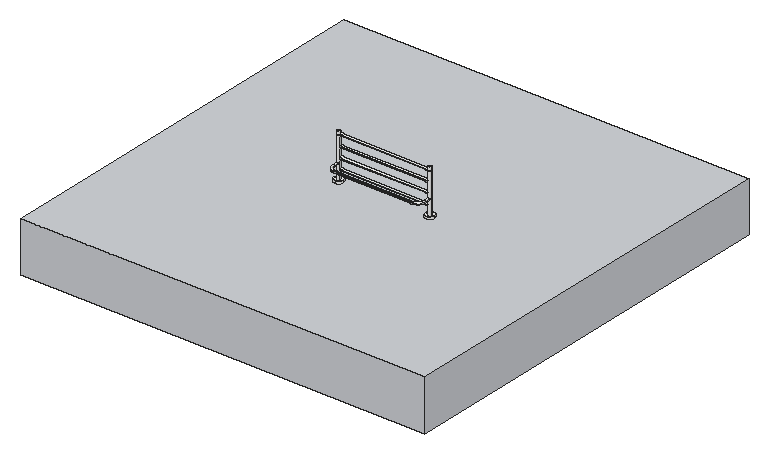
Revit family "Towel_Bar-Grohe-Essentials-40800001", category Specialty Equipment, host Face, Revit 2014
Parameters (values of type "40800001")
  Width = 21 167/256"  # constant formula
  URL = "https://www.grohe.us"
  Type Comments = ""
  Product Page URL = "https://www.grohe.us/en_us/essentials-multi-bath-towel-rack-40800001.html"
  Price = "Prices may vary. Please consult Manufacturer Representative for most up-to-date price list."  # constant formula
  Model = "40800001"
  Material = "Metal-Grohe-001-Chrome"
  Manufacturer = "Grohe"
  Length = 10 161/256"  # constant formula
  Installation Type = "Wall Mounted"
  Height = 4 95/256"  # constant formula
  Finish = Metal-Grohe-001-Chrome
  Description = "Essentials Multi bath towel rack"
  Default Elevation = 40"  # constant formula
  Creation Date = "8/22/2017"  # constant formula
  Assembly Code = "C1030200"
Reference planes (in)
  plane 1 "Center (Front/Back)": y = 0
  plane 2: z = 0
  plane 3 "Center (Left/Right)": x = 0
  plane 4: x = -10.82677
  plane 5: x = 10.82677
  plane 6: z = 10.62992
Forms (in)
  Extrusion 1, solid
    sketch origin (0, 0, 0) x (1, 0, 0) y (0, 1, 0)
      loop
        line (-48, 48) -> (-48, -48) -> (48, -48) -> (48, 48) -> (-48, 48)
    from 0 to -12
  Revolve 2, solid, material "Metal-Grohe-001-Chrome" <- "Finish"
    sketch origin (-0.98378, 0, 0) x (-1, 0, 0) y (0, 0, 1)
      loop
        line (-10.74789, 0.3937) -> (-11.46061, 0.3937) -> (-11.46061, 9.96168) -> (-11.49515, 9.96168) -> (-11.49515, 10.00152) -> (-11.46058, 10.00152) -> (-11.46058, 10.07979) -> (-11.49515, 10.07979) -> (-11.49515, 10.11916) -> (-11.46061, 10.11916) -> (-11.46061, 10.62992) -> (-11.81055, 10.62992) -> (-11.81055, 0) -> (-10.74789, 0) -> (-10.74789, 0.3937)
      axis (-11.81055, 10.62992) -> (-11.81055, 0)
    angle from 0 to 360
  Extrusion 3, solid, material "Metal-Grohe-001-Chrome" <- "Finish"
    sketch origin (0, 0, 0) x (0, 1, 0) y (0, 0, 1)
      loop
        circle (0.00017, 10.03937) r 0.23624
      loop
        circle (0.00017, 7.56008) r 0.23624
      loop
        circle (0.00017, 5.07571) r 0.23624
      loop
        circle (0.00017, 2.5985) r 0.23624
    from -10.82677 to 10.82677
  Revolve 4, solid, material "Metal-Grohe-001-Chrome" <- "Finish"
    sketch origin (0.98378, 0, 0) x (1, 0, 0) y (0, 0, 1)
      loop
        line (-10.74789, 0.3937) -> (-11.46061, 0.3937) -> (-11.46061, 9.96168) -> (-11.49515, 9.96168) -> (-11.49515, 10.00152) -> (-11.46058, 10.00152) -> (-11.46058, 10.07979) -> (-11.49515, 10.07979) -> (-11.49515, 10.11916) -> (-11.46061, 10.11916) -> (-11.46061, 10.62992) -> (-11.81055, 10.62992) -> (-11.81055, 0) -> (-10.74789, 0) -> (-10.74789, 0.3937)
      axis (-11.81055, 10.62992) -> (-11.81055, 0)
    angle from 0 to 360
  Sweep 5, solid, material "Metal-Grohe-001-Chrome" <- "Finish"
    path origin (0, 0, 0) x (1, 0, 0) y (0, 1, 0)
      loop
        line (-10.82677, 0) -> (-10.82677, -1.61065)
        arc (-10.82677, -1.61065) -> (-10.38743, -2.67131) -> (-9.32677, -3.11065) r 1.5
        line (-9.32677, -3.11065) -> (9.32677, -3.11065)
        arc (9.32677, -3.11065) -> (10.38743, -2.67131) -> (10.82677, -1.61065) r 1.5
        line (10.82677, -1.61065) -> (10.82677, 0)
    profile origin (-10.82677, -0.80532, 0) x (1, 0, 0) y (0, 0, 1)
      loop
        circle (0, 3.82284) r 0.20061
Cuts and joins
  joined: Revolve 2, Extrusion 3, Revolve 4, Sweep 5
Lines and regions (in)
  Masking region 1
    outline origin (0, 0, 0) x (1, 0, 0) y (0, 0, 1)
      loop
        line (11.88943, 0) -> (11.88943, 0.3937) -> (11.17671, 0.3937) -> (11.17671, 9.96168) -> (11.14217, 9.96168) -> (11.14217, 10.00152) -> (11.17674, 10.00152) -> (11.17674, 10.07979) -> (11.14217, 10.07979) -> (11.14217, 10.11916) -> (11.17671, 10.11916) -> (11.17671, 10.62992) -> (10.47683, 10.62992) -> (10.47683, 10.2758) -> (-10.47683, 10.2758) -> (-10.47683, 10.62992) -> (-11.17671, 10.62992) -> (-11.17671, 10.11916) -> (-11.14217, 10.11916) -> (-11.14217, 10.07979) -> (-11.17674, 10.07979) -> (-11.17674, 10.00152) -> (-11.14217, 10.00152) -> (-11.14217, 9.96168) -> (-11.17671, 9.96168) -> (-11.17671, 0.3937) -> (-11.88943, 0.3937) -> (-11.88943, 0) -> (-9.76411, 0) -> (-9.76411, 0.3937) -> (-10.47683, 0.3937) -> (-10.47683, 2.36226) -> (10.47683, 2.36226) -> (10.47683, 0.3937) -> (9.76411, 0.3937) -> (9.76411, 0) -> (11.88943, 0)
      loop
        line (10.47683, 2.83475) -> (10.47683, 3.62381) -> (-10.47683, 3.62381) -> (-10.47683, 2.83475) -> (10.47683, 2.83475)
      loop
        line (10.47683, 4.0242) -> (10.47683, 4.83947) -> (-10.47683, 4.83947) -> (-10.47683, 4.0242) -> (10.47683, 4.0242)
      loop
        line (10.47683, 5.31195) -> (10.47683, 7.32384) -> (-10.47683, 7.32384) -> (-10.47683, 5.31195) -> (10.47683, 5.31195)
      loop
        line (10.47683, 7.79633) -> (10.47683, 9.80313) -> (-10.47683, 9.80313) -> (-10.47683, 7.79633) -> (10.47683, 7.79633)
  symbolic lines, detail levels medium+fine
    curve 1: arc (10.47683, 0, 10.2758) -> (10.56953, 0, 10.03779) -> (10.47683, 0, 9.79978) r 0.35191
    curve 7: arc (-10.47683, 0, 10.2758) -> (-10.56953, 0, 10.03779) -> (-10.47683, 0, 9.79978) r 0.35191
    curve 13: arc (10.47683, 0, 7.79633) -> (10.56953, 0, 7.55832) -> (10.47683, 0, 7.32031) r 0.35191
    curve 14: arc (10.47683, 0, 5.31195) -> (10.56953, 0, 5.07394) -> (10.47683, 0, 4.83593) r 0.35191
    curve 15: arc (10.47683, 0, 2.83475) -> (10.56953, 0, 2.59674) -> (10.47683, 0, 2.35873) r 0.35191
    curve 17: arc (-10.47683, 0, 7.79633) -> (-10.56953, 0, 7.55832) -> (-10.47683, 0, 7.32031) r 0.35191
    curve 18: arc (-10.47683, 0, 5.31195) -> (-10.56953, 0, 5.07394) -> (-10.47683, 0, 4.83593) r 0.35191
    curve 19: arc (-10.47683, 0, 2.83475) -> (-10.56953, 0, 2.59674) -> (-10.47683, 0, 2.35873) r 0.35191
  symbolic lines, detail levels fine
    curve 2: line (11.17671, 0, 0.3937) -> (10.47683, 0, 0.3937)
    curve 3: line (11.14217, 0, 9.96168) -> (10.5612, 0, 9.96168)
    curve 4: line (11.14217, 0, 10.00152) -> (10.56765, 0, 10.00152)
    curve 5: line (11.14217, 0, 10.07979) -> (10.56701, 0, 10.07979)
    curve 6: line (11.14217, 0, 10.11916) -> (10.55999, 0, 10.11916)
    curve 8: line (-11.17671, 0, 0.3937) -> (-10.47683, 0, 0.3937)
    curve 9: line (-11.14217, 0, 9.96168) -> (-10.5612, 0, 9.96168)
    curve 10: line (-11.14217, 0, 10.00152) -> (-10.56765, 0, 10.00152)
    curve 11: line (-11.14217, 0, 10.07979) -> (-10.56701, 0, 10.07979)
    curve 12: line (-11.14217, 0, 10.11916) -> (-10.55999, 0, 10.11916)
  symbolic lines, style "PlumbingFixtures", detail levels fine
    curve 16: line (10.47683, 0, 4.0242) -> (10.47683, 0, 3.62381)
    curve 20: line (-10.47683, 0, 4.0242) -> (-10.47683, 0, 3.62381)
Dimensions and locks (in)
  equal spacing: plane 5, plane 3 "Center (Left/Right)", plane 4
  plane 5 to plane 4 = 21.65354"
  level to plane 6 = 10.62992"
  aligned and locked: plane 2 to Extrusion 1
  aligned and locked: level to Extrusion 1
Automatic sketch dimensions
  Extrusion 1 sketch curve to Extrusion 1 sketch curve = 96"  (x2)
  Revolve 2 sketch curve to plane 5 = 0"  (x2)
  Revolve 2 sketch curve to level = 0"
  Revolve 2 sketch curve to plane 6 = 0"
  plane 5 to Revolve 2 sketch curve = 0.3154"
  Revolve 2 sketch curve to Revolve 2 sketch curve = 0"
  Revolve 2 sketch curve to Revolve 2 sketch curve = 0.34994"
  Revolve 2 sketch curve to Revolve 2 sketch curve = 0.03454"
  Revolve 2 sketch curve to Revolve 2 sketch curve = 0.03457"
  Revolve 2 sketch curve to Revolve 2 sketch curve = 0.71272"
  Revolve 2 sketch curve to level = 0.3937"
  plane 6 to Revolve 2 sketch curve = 0.66825"
  Revolve 2 sketch curve to Revolve 2 sketch curve = 0.03984"
  Revolve 2 sketch curve to Revolve 2 sketch curve = 0.07827"
  Revolve 2 sketch curve to Revolve 2 sketch curve = 0.03937"
  Revolve 2 sketch curve to Revolve 2 sketch curve = 3.99575"
  Revolve 2 sketch curve to Revolve 2 sketch curve = 0.31201"
  plane 4 to Revolve 4 sketch curve = 0"  (x2)
  Revolve 4 sketch curve to level = 0"
  Revolve 4 sketch curve to plane 6 = 0"
  Revolve 4 sketch curve to plane 4 = 0.3154"
  Revolve 4 sketch curve to Revolve 4 sketch curve = 0"
  Revolve 4 sketch curve to Revolve 4 sketch curve = 0.34994"
  Revolve 4 sketch curve to Revolve 4 sketch curve = 0.03454"
  Revolve 4 sketch curve to Revolve 4 sketch curve = 0.03457"
  Revolve 4 sketch curve to Revolve 4 sketch curve = 0.71272"
  Revolve 4 sketch curve to Revolve 4 sketch curve = 0.3937"
  Revolve 4 sketch curve to plane 6 = 0.66825"
  Revolve 4 sketch curve to Revolve 4 sketch curve = 0.03984"
  Revolve 4 sketch curve to Revolve 4 sketch curve = 0.07827"
  Revolve 4 sketch curve to Revolve 4 sketch curve = 0.03937"
  Revolve 4 sketch curve to Revolve 4 sketch curve = 3.99575"
  Revolve 4 sketch curve to Revolve 4 sketch curve = 0.31201"
  Extrusion 3 sketch curve to plane 1 "Center (Front/Back)" = 0.00017"  (x4)
  Extrusion 3 sketch curve to Extrusion 3 sketch curve = 2 31/64"
  Extrusion 3 sketch curve to plane 6 = 0.59055"
  Extrusion 3 sketch curve to Extrusion 3 sketch curve = 2.47929"
  Extrusion 3 sketch curve to Extrusion 3 sketch curve = 2.4772"
  Sweep 5 sketch curve to plane 4 = 0"
  plane 1 "Center (Front/Back)" to Sweep 5 sketch curve = 0"  (x2)
  Sweep 5 sketch curve to plane 4 = 1 1/2"
  Sweep 5 sketch curve to plane 5 = 1 1/2"
  plane 1 "Center (Front/Back)" to Sweep 5 sketch curve = 1.61065"
  Sweep 5 sketch curve to plane 5 = 0"
  profile plane to Sweep 5 sketch curve = 0"
  level to Sweep 5 sketch curve = 3.82284"
  Masking region 1 sketch curve to level = 0"  (x2)
  Masking region 1 sketch curve to plane 6 = 0"  (x2)
  level to Masking region 1 sketch curve = 0.3937"  (x4)
  plane 4 to Masking region 1 sketch curve = 1.06266"
  plane 4 to Masking region 1 sketch curve = 0.34997"
  plane 4 to Masking region 1 sketch curve = 0.34994"
  Masking region 1 sketch curve to Masking region 1 sketch curve = 0.00002"
  Masking region 1 sketch curve to Masking region 1 sketch curve = 0.03457"  (x3)
  Masking region 1 sketch curve to plane 4 = 0.34994"  (x6)
  Masking region 1 sketch curve to Masking region 1 sketch curve = 0.71272"  (x2)
  Masking region 1 sketch curve to plane 5 = 1.06266"
  Masking region 1 sketch curve to plane 5 = 0.34994"  (x6)
  plane 5 to Masking region 1 sketch curve = 0.3154"
  Masking region 1 sketch curve to Masking region 1 sketch curve = 0"
  Masking region 1 sketch curve to Masking region 1 sketch curve = 0.03454"
  plane 5 to Masking region 1 sketch curve = 0.34994"
  Masking region 1 sketch curve to Masking region 1 sketch curve = 1.96856"
  Masking region 1 sketch curve to Masking region 1 sketch curve = 0.47249"  (x3)
  Masking region 1 sketch curve to Masking region 1 sketch curve = 101/128"
  Masking region 1 sketch curve to Masking region 1 sketch curve = 0.40039"
  Masking region 1 sketch curve to Masking region 1 sketch curve = 0.81526"
  Masking region 1 sketch curve to Masking region 1 sketch curve = 2.01189"
  Masking region 1 sketch curve to plane 6 = 0.8268"
  Masking region 1 sketch curve to plane 6 = 0.66825"  (x2)
  Masking region 1 sketch curve to Masking region 1 sketch curve = 0.03984"  (x2)
  Masking region 1 sketch curve to Masking region 1 sketch curve = 0.07827"  (x2)
  Masking region 1 sketch curve to Masking region 1 sketch curve = 0.03937"  (x2)
  Masking region 1 sketch curve to plane 6 = 0.35412"
  curve 19 to plane 4 = 0.60916"
  curve 18 to plane 4 = 0.60916"
  curve 17 to plane 4 = 0.60916"
  curve 7 to plane 4 = 0.60916"
  curve 1 to plane 5 = 0.60916"
  curve 15 to plane 5 = 0.60916"
  curve 13 to plane 5 = 0.60916"
  curve 14 to plane 5 = 0.60916"
  level to curve 19 = 2.59674"
  level to curve 15 = 2.59674"
  curve 15 to curve 14 = 2.4772"
  curve 19 to curve 18 = 2.4772"
  curve 14 to curve 13 = 2 31/64"
  curve 18 to curve 17 = 2 31/64"
  curve 7 to plane 6 = 0.59213"
  curve 1 to plane 6 = 0.59213"
  curve 17 to plane 4 = 0.34994"  (x2)
  curve 20 to plane 4 = 0.34994"
  curve 8 to plane 4 = 0.34994"
  curve 19 to plane 4 = 0.34994"  (x2)
  curve 7 to plane 4 = 0.34994"  (x2)
  curve 18 to plane 4 = 0.34994"  (x2)
  curve 12 to curve 7 = 0.08316"
  curve 9 to curve 12 = 0.0012"
  curve 11 to curve 12 = 0.00702"
  curve 10 to curve 9 = 0.00646"
  plane 4 to curve 12 = 0.3154"
  curve 12 to curve 11 = 0"
  curve 11 to curve 10 = 0"
  curve 10 to curve 9 = 0"
  plane 4 to curve 8 = 0.34994"
  curve 13 to plane 5 = 0.34994"  (x2)
  curve 14 to plane 5 = 0.34994"  (x2)
  curve 1 to plane 5 = 0.34994"  (x2)
  curve 15 to plane 5 = 0.34994"  (x2)
  curve 16 to plane 5 = 0.34994"
  curve 2 to plane 5 = 0.34994"
  curve 1 to curve 6 = 0.08316"
  curve 6 to curve 3 = 0.0012"
  curve 6 to curve 5 = 0.00702"
  curve 3 to curve 4 = 0.00646"
  plane 5 to curve 4 = 0.3154"
  curve 5 to curve 4 = 0"
  curve 6 to curve 5 = 0"
  curve 4 to curve 3 = 0"
  plane 5 to curve 2 = 0.34994"
  curve 15 to curve 15 = 0.23801"
  curve 19 to curve 19 = 0.23801"
  level to curve 8 = 0.3937"
  level to curve 2 = 0.3937"
  curve 15 to curve 16 = 101/128"
  curve 19 to curve 20 = 101/128"
  curve 20 to curve 20 = 0.40039"
  curve 16 to curve 16 = 0.40039"
  curve 14 to curve 14 = 0.23801"
  curve 18 to curve 18 = 0.23801"
  curve 13 to curve 13 = 0.23801"
  curve 17 to curve 17 = 0.23801"
  curve 1 to curve 1 = 0.23801"
  curve 7 to curve 7 = 0.23801"
  radius of Extrusion 3 sketch curve = 0.23624"  (x4)
  radius of Sweep 5 sketch curve = 0.20061"
